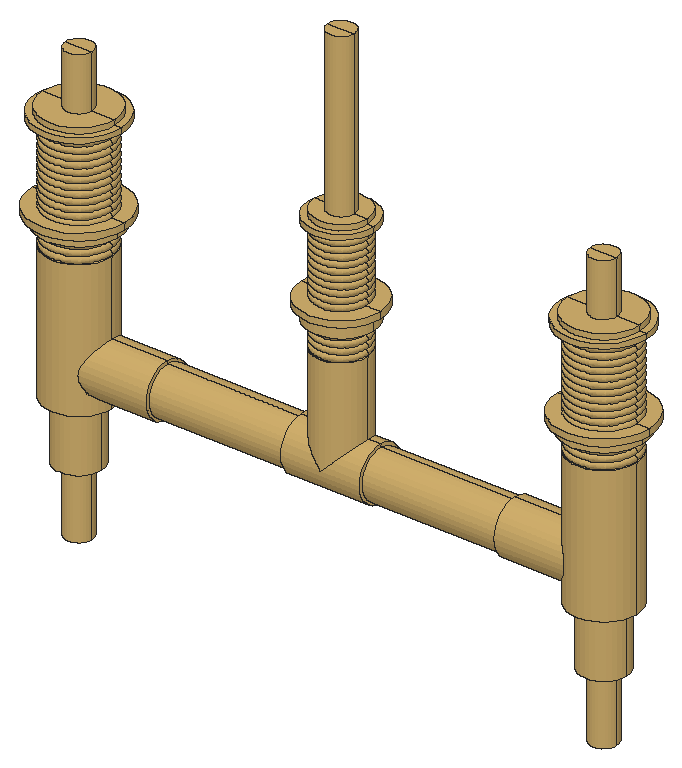
Revit family "Tub_Filler-Deck_Mounted-American_Standard-Flash-R9X0", category Plumbing Fixtures, Revit 2014
Parameters (values of type "R900")
  Width = 1 3/8"  # constant formula
  Waste Connection = no
  WFU = 0  # constant formula
  Vent Connection = no
  URL = "http://www.americanstandard-us.com/"
  Shower = no
  Product URL = "https://www.americanstandard-us.com/bathroom/tub-fillers/flash-roman-tub-faucet-rough-valve-33662?variant=n%2Fa"
  Product Documentation Link = "https://www.americanstandard-us.com/-/media/sites/asus/files/product-specs/tub-fillers/2018/flash-roman-tub-filler-trim-rough-valve-r900-r910/specsheet-r900-r910.pdf?la=en"
  Price = "Prices may vary. Please consult Manufacturer Representative for most up-to-date price list."  # constant formula
  Model = "R900"
  Material = "Metal-American Standard-099-Polished Brass"
  Manufacturer = "American Standard"
  Length = 10"
  Installation Type = "Deck-Mounted"
  Hot Water Connection Radius = 1/4"  # constant formula
  Hot Water Connection Diameter = Hot Water Connection Radius * 2  # 1/2"
  Height = 7 1/8"  # constant formula
  HWFU = 3  # constant formula
  HW Connection = yes
  Description = "R900 Flash Roman Tub Filler Rough Body – LESS Personal Shower"
  Default Elevation = 0"
  Creation Date = "10/17/2018"  # constant formula
  Cold Water Connection Radius = 1/4"  # constant formula
  Cold Water Connection Diameter = Cold Water Connection Radius * 2  # 1/2"
  CWFU = 3  # constant formula
  CW Connection = yes
  COFaucet To Shower = 12"
  Assembly Code = "D2020"
Types (3): name | Shower | Product URL | Model | Description
  (no name) | no | "https://www.americanstandard-us.com/bathroom/tub-fillers/flash-roman-tub-faucet-rough-valve-33662?variant=n%2Fa" | "R900" | "R900 Flash Roman Tub Filler Rough Body – LESS Personal Shower"
  R900 | no | "https://www.americanstandard-us.com/bathroom/tub-fillers/flash-roman-tub-faucet-rough-valve-33662?variant=n%2Fa" | "R900" | "R900 Flash Roman Tub Filler Rough Body – LESS Personal Shower"
  R910 | yes | "https://www.americanstandard-us.com/bathroom/tub-fillers/flash-roman-tub-faucet-rough-valve-33664?variant=n%2Fa" | "R910" | "R910 Flash Roman Tub Filler Rough Body – WITH Personal Shower"
Reference planes (in)
  plane 1 "Center (Front/Back)": y = 0
  plane 2: z = 0
  plane 3 "Center (Left/Right)": x = 0
  plane 4: x = 5
  plane 5: x = -5
  plane 6: x = 5.6875
  plane 7: x = 4.3125
  plane 8: x = -4.3125
  plane 9: x = -5.6875
  plane 10: z = -7.125
  plane 11: x = 0.5
  plane 12: x = -0.5
  plane 13: x = -3.75
  plane 14: z = -4.0681
  plane 15: z = -3.5681
  plane 16: z = -2.1774
  plane 17: x = -3.3125
  plane 18: x = -0.75
  plane 19: x = 0.75
  plane 20: x = 3.3125
  plane 21: z = 1
  plane 22: z = -1.5
  plane 23: x = 12
Forms (in)
  Revolve 1, solid, material "Metal-American Standard-099-Polished Brass"
    sketch origin (0, 0, 0) x (1, 0, 0) y (0, 0, 1)
      loop
        line (-5, -7.125) -> (-4.75, -7.125) -> (-4.75, -5.875) -> (-4.5625, -5.875) -> (-4.5625, -4.75991) -> (-4.375, -4.75991) -> (-4.375, -2.1774) -> (-4.4375, -2.1774)
        arc (-4.4375, -2.1774) -> (-4.375, -2.1149) -> (-4.4375, -2.0524) r 0.0625
        arc (-4.4375, -2.0524) -> (-4.375, -1.9899) -> (-4.4375, -1.9274) r 0.0625
        arc (-4.4375, -1.9274) -> (-4.375, -1.8649) -> (-4.4375, -1.8024) r 0.0625
        line (-4.4375, -1.8024) -> (-4.25, -1.8024) -> (-4.25, -1.62335) -> (-4.125, -1.62335) -> (-4.125, -1.5) -> (-4.37537, -1.5)
        arc (-4.37537, -1.5) -> (-4.39096, -1.45148) -> (-4.4375, -1.4307) r 0.0625
        arc (-4.4375, -1.4307) -> (-4.375, -1.3682) -> (-4.4375, -1.3057) r 0.0625
        arc (-4.4375, -1.3057) -> (-4.375, -1.2432) -> (-4.4375, -1.1807) r 0.0625
        arc (-4.4375, -1.1807) -> (-4.375, -1.1182) -> (-4.4375, -1.0557) r 0.0625
        arc (-4.4375, -1.0557) -> (-4.375, -0.9932) -> (-4.4375, -0.9307) r 0.0625
        arc (-4.4375, -0.9307) -> (-4.375, -0.8682) -> (-4.4375, -0.8057) r 0.0625
        arc (-4.4375, -0.8057) -> (-4.375, -0.7432) -> (-4.4375, -0.6807) r 0.0625
        arc (-4.4375, -0.6807) -> (-4.375, -0.6182) -> (-4.4375, -0.5557) r 0.0625
        arc (-4.4375, -0.5557) -> (-4.375, -0.4932) -> (-4.4375, -0.4307) r 0.0625
        arc (-4.4375, -0.4307) -> (-4.375, -0.3682) -> (-4.4375, -0.3057) r 0.0625
        arc (-4.4375, -0.3057) -> (-4.375, -0.2432) -> (-4.4375, -0.1807) r 0.0625
        arc (-4.4375, -0.1807) -> (-4.375, -0.1182) -> (-4.4375, -0.0557) r 0.0625
        arc (-4.4375, -0.0557) -> (-4.39578, -0.03974) -> (-4.37537, 0) r 0.0625
        line (-4.37537, 0) -> (-4.3125, 0) -> (-4.1875, 0) -> (-4.1875, 0.09797) -> (-4.3125, 0.09797) -> (-4.3125, 0.19595) -> (-4.75, 0.19595) -> (-4.75, 1.19595) -> (-5, 1.19595) -> (-5, -7.125)
      axis (-5, 1.19595) -> (-5, -7.125)
    angle from 0 to 360
  Revolve 2, solid, material "Metal-American Standard-099-Polished Brass"
    sketch origin (0, 0, 0) x (1, 0, 0) y (0, 0, 1)
      loop
        line (-5, -3.5681) -> (-5, -4.0681) -> (0, -4.0681) -> (5, -4.0681) -> (5, -3.5681) -> (3.3125, -3.5681) -> (3.3125, -3.62024) -> (0.75, -3.62024) -> (0.75, -3.5681) -> (-0.75, -3.5681) -> (-0.75, -3.62024) -> (-3.3125, -3.62024) -> (-3.3125, -3.5681) -> (-5, -3.5681)
      axis (-5, -4.0681) -> (5, -4.0681)
    angle from 0 to 360
  Revolve 3, solid, material "Metal-American Standard-099-Polished Brass"
    sketch origin (0, 0, 0) x (1, 0, 0) y (0, 0, 1)
      loop
        line (0, -4.0681) -> (0.5, -4.0681) -> (0.5, -2.17079) -> (0.43833, -2.17079)
        arc (0.43833, -2.17079) -> (0.5, -2.10912) -> (0.43833, -2.04744) r 0.06167
        arc (0.43833, -2.04744) -> (0.5, -1.98577) -> (0.43833, -1.92409) r 0.06167
        arc (0.43833, -1.92409) -> (0.5, -1.86242) -> (0.43833, -1.80075) r 0.06167
        arc (0.43833, -1.80075) -> (0.5, -1.73907) -> (0.43833, -1.6774) r 0.06167
        line (0.43833, -1.6774) -> (0.625, -1.6774) -> (0.625, -1.4274) -> (0.75, -1.4274) -> (0.75, -1.30405) -> (0.43833, -1.30405)
        arc (0.43833, -1.30405) -> (0.5, -1.24238) -> (0.43833, -1.1807) r 0.06167
        arc (0.43833, -1.1807) -> (0.5, -1.11903) -> (0.43833, -1.05736) r 0.06167
        arc (0.43833, -1.05736) -> (0.5, -0.99568) -> (0.43833, -0.93401) r 0.06167
        arc (0.43833, -0.93401) -> (0.5, -0.87233) -> (0.43833, -0.81066) r 0.06167
        arc (0.43833, -0.81066) -> (0.5, -0.74899) -> (0.43833, -0.68731) r 0.06167
        arc (0.43833, -0.68731) -> (0.5, -0.62564) -> (0.43833, -0.56396) r 0.06167
        arc (0.43833, -0.56396) -> (0.5, -0.50229) -> (0.43833, -0.44062) r 0.06167
        arc (0.43833, -0.44062) -> (0.5, -0.37894) -> (0.43833, -0.31727) r 0.06167
        arc (0.43833, -0.31727) -> (0.5, -0.25559) -> (0.43833, -0.19392) r 0.06167
        arc (0.43833, -0.19392) -> (0.5, -0.13225) -> (0.43833, -0.07057) r 0.06167
        arc (0.43833, -0.07057) -> (0.48498, -0.04924) -> (0.49935, 0) r 0.06167
        line (0.49935, 0) -> (0.62415, 0) -> (0.62415, 0.09797) -> (0.5, 0.09797) -> (0.5, 0.19595) -> (0.25, 0.19595) -> (0.25, 3.26144) -> (0, 3.26144) -> (0, -4.0681)
      axis (0, 3.26144) -> (0, -4.0681)
    angle from 0 to 360
  Revolve 4, solid, material "Metal-American Standard-099-Polished Brass"
    sketch origin (0, 0, 0) x (-1, 0, 0) y (0, 0, 1)
      loop
        line (-5, -7.125) -> (-4.75, -7.125) -> (-4.75, -5.875) -> (-4.5625, -5.875) -> (-4.5625, -4.75991) -> (-4.375, -4.75991) -> (-4.375, -2.1774) -> (-4.4375, -2.1774)
        arc (-4.4375, -2.1774) -> (-4.375, -2.1149) -> (-4.4375, -2.0524) r 0.0625
        arc (-4.4375, -2.0524) -> (-4.375, -1.9899) -> (-4.4375, -1.9274) r 0.0625
        arc (-4.4375, -1.9274) -> (-4.375, -1.8649) -> (-4.4375, -1.8024) r 0.0625
        line (-4.4375, -1.8024) -> (-4.25, -1.8024) -> (-4.25, -1.62335) -> (-4.125, -1.62335) -> (-4.125, -1.5) -> (-4.37537, -1.5)
        arc (-4.37537, -1.5) -> (-4.39096, -1.45148) -> (-4.4375, -1.4307) r 0.0625
        arc (-4.4375, -1.4307) -> (-4.375, -1.3682) -> (-4.4375, -1.3057) r 0.0625
        arc (-4.4375, -1.3057) -> (-4.375, -1.2432) -> (-4.4375, -1.1807) r 0.0625
        arc (-4.4375, -1.1807) -> (-4.375, -1.1182) -> (-4.4375, -1.0557) r 0.0625
        arc (-4.4375, -1.0557) -> (-4.375, -0.9932) -> (-4.4375, -0.9307) r 0.0625
        arc (-4.4375, -0.9307) -> (-4.375, -0.8682) -> (-4.4375, -0.8057) r 0.0625
        arc (-4.4375, -0.8057) -> (-4.375, -0.7432) -> (-4.4375, -0.6807) r 0.0625
        arc (-4.4375, -0.6807) -> (-4.375, -0.6182) -> (-4.4375, -0.5557) r 0.0625
        arc (-4.4375, -0.5557) -> (-4.375, -0.4932) -> (-4.4375, -0.4307) r 0.0625
        arc (-4.4375, -0.4307) -> (-4.375, -0.3682) -> (-4.4375, -0.3057) r 0.0625
        arc (-4.4375, -0.3057) -> (-4.375, -0.2432) -> (-4.4375, -0.1807) r 0.0625
        arc (-4.4375, -0.1807) -> (-4.375, -0.1182) -> (-4.4375, -0.0557) r 0.0625
        arc (-4.4375, -0.0557) -> (-4.39578, -0.03974) -> (-4.37537, 0) r 0.0625
        line (-4.37537, 0) -> (-4.3125, 0) -> (-4.1875, 0) -> (-4.1875, 0.09797) -> (-4.3125, 0.09797) -> (-4.3125, 0.19595) -> (-4.75, 0.19595) -> (-4.75, 1.19595) -> (-5, 1.19595) -> (-5, -7.125)
      axis (-5, 1.19595) -> (-5, -7.125)
    angle from 0 to 360
  Revolve 5, solid, material "Metal-American Standard-099-Polished Brass", visible <- "Shower"
    sketch origin (2.72077, 0, 0) x (1, 0, 0) y (0, 0, 1)
      loop
        line (9.27923, -7.125) -> (9.27923, 1.19595) -> (9.02923, 1.19595) -> (9.02923, 0.19595) -> (8.59173, 0.19595) -> (8.59173, 0.09797) -> (8.46673, 0.09797) -> (8.46673, 0) -> (8.59173, 0) -> (8.6546, 0)
        arc (8.6546, 0) -> (8.675, -0.03974) -> (8.71673, -0.0557) r 0.0625
        arc (8.71673, -0.0557) -> (8.65423, -0.1182) -> (8.71673, -0.1807) r 0.0625
        arc (8.71673, -0.1807) -> (8.65423, -0.2432) -> (8.71673, -0.3057) r 0.0625
        arc (8.71673, -0.3057) -> (8.65423, -0.3682) -> (8.71673, -0.4307) r 0.0625
        arc (8.71673, -0.4307) -> (8.65423, -0.4932) -> (8.71673, -0.5557) r 0.0625
        arc (8.71673, -0.5557) -> (8.65423, -0.6182) -> (8.71673, -0.6807) r 0.0625
        arc (8.71673, -0.6807) -> (8.65423, -0.7432) -> (8.71673, -0.8057) r 0.0625
        arc (8.71673, -0.8057) -> (8.65423, -0.8682) -> (8.71673, -0.9307) r 0.0625
        arc (8.71673, -0.9307) -> (8.65423, -0.9932) -> (8.71673, -1.0557) r 0.0625
        arc (8.71673, -1.0557) -> (8.65423, -1.1182) -> (8.71673, -1.1807) r 0.0625
        arc (8.71673, -1.1807) -> (8.65423, -1.2432) -> (8.71673, -1.3057) r 0.0625
        arc (8.71673, -1.3057) -> (8.65423, -1.3682) -> (8.71673, -1.4307) r 0.0625
        arc (8.71673, -1.4307) -> (8.67019, -1.45148) -> (8.6546, -1.5) r 0.0625
        line (8.6546, -1.5) -> (8.40423, -1.5) -> (8.40423, -1.62335) -> (8.52923, -1.62335) -> (8.52923, -1.8024) -> (8.71673, -1.8024)
        arc (8.71673, -1.8024) -> (8.65423, -1.8649) -> (8.71673, -1.9274) r 0.0625
        arc (8.71673, -1.9274) -> (8.65423, -1.9899) -> (8.71673, -2.0524) r 0.0625
        arc (8.71673, -2.0524) -> (8.65423, -2.1149) -> (8.71673, -2.1774) r 0.0625
        line (8.71673, -2.1774) -> (8.65423, -2.1774) -> (8.65423, -4.75991) -> (8.84173, -4.75991) -> (8.84173, -5.875) -> (9.02923, -5.875) -> (9.02923, -7.125) -> (9.27923, -7.125)
      axis (9.27923, 1.19595) -> (9.27923, -7.125)
    angle from 0 to 360
Lines and regions (in)
  Masking region 1
    outline origin (0, 0, 0) x (1, 0, 0) y (0, 1, 0)
      loop
        arc (-4.28193, 0.5) -> (-5.875, 0) -> (-4.28193, -0.5) r 0.875
        line (-4.28193, -0.5) -> (-3.3125, -0.5) -> (-3.3125, -0.44786) -> (-0.75, -0.44786) -> (-0.75, -0.5) -> (-0.55902, -0.5)
        arc (-0.55902, -0.5) -> (0, -0.75) -> (0.55902, -0.5) r 0.75
        line (0.55902, -0.5) -> (0.75, -0.5) -> (0.75, -0.44786) -> (3.3125, -0.44786) -> (3.3125, -0.5) -> (4.28193, -0.5)
        arc (4.28193, -0.5) -> (5.875, 0) -> (4.28193, 0.5) r 0.875
        line (4.28193, 0.5) -> (3.3125, 0.5) -> (3.3125, 0.44786) -> (0.75, 0.44786) -> (0.75, 0.5) -> (0.55902, 0.5)
        arc (0.55902, 0.5) -> (0, 0.75) -> (-0.55902, 0.5) r 0.75
        line (-0.55902, 0.5) -> (-0.75, 0.5) -> (-0.75, 0.44786) -> (-3.3125, 0.44786) -> (-3.3125, 0.5) -> (-4.28193, 0.5)
  Masking region 2, visible <- "Shower"
    outline origin (0, 0, 0) x (1, 0, 0) y (0, 1, 0)
      loop
        circle (12, 0) r 0.875
  symbolic lines, detail levels medium+fine
    curve 1: circle (-5, 0, 0) r 0.25 normal (0, 0, 1)
    curve 2: circle (0, 0, 0) r 0.25 normal (0, 0, 1)
    curve 3: circle (5, 0, 0) r 0.25 normal (0, 0, -1)
    curve 7: line (3.3125, 0.44786, 0) -> (3.3125, -0.44786, 0)
    curve 8: line (0.75, 0.44786, 0) -> (0.75, -0.44786, 0)
    curve 9: line (-0.75, 0.44786, 0) -> (-0.75, -0.44786, 0)
    curve 10: line (-3.3125, 0.44786, 0) -> (-3.3125, -0.44786, 0)
  symbolic lines, detail levels fine
    curve 4: circle (-5, 0, 0) r 0.6875 normal (0, 0, 1)
    curve 5: circle (0, 0, 0) r 0.5 normal (0, 0, 1)
    curve 6: circle (5, 0, 0) r 0.6875 normal (0, 0, -1)
    curve 11: arc (-4.28193, -0.5, 0) -> (-4.125, 0, 0) -> (-4.28193, 0.5, 0) r 0.875
    curve 12: arc (4.28193, -0.5, 0) -> (4.125, 0, 0) -> (4.28193, 0.5, 0) r 0.875
    curve 13: arc (-0.55902, 0.5, 0) -> (-0.75, 0, 0) -> (-0.55902, -0.5, 0) r 0.75
    curve 14: arc (0.55902, 0.5, 0) -> (0.75, 0, 0) -> (0.55902, -0.5, 0) r 0.75
  symbolic lines, visible <- "Shower", detail levels medium+fine
    curve 15: circle (12, 0, 0) r 0.6875 normal (0, 0, -1)
  symbolic lines, visible <- "Shower", detail levels fine
    curve 16: circle (12, 0, 0) r 0.25 normal (0, 0, -1)
Dimensions and locks (in)
  locked: plane 5 to plane 17 at 1.6875
  locked: plane 4 to plane 20 at 1.6875
  locked: plane 19 to plane 18 at 1.5
  "Length": plane 5 to plane 4
  equal spacing: plane 5, plane 3 "Center (Left/Right)", plane 4
  locked: Revolve 1 sketch curve to plane 5 at 0.25
  locked: Revolve 1 sketch curve to plane 8 at 0.125
  locked: Revolve 1 sketch curve to Revolve 1 sketch curve at 0.4375
  locked: Revolve 1 sketch curve to Revolve 1 sketch curve at 0.625
  locked: plane 8 to Revolve 1 sketch curve at 0.0625
  locked: Revolve 1 sketch curve to Revolve 1 sketch curve at 0.875
  locked: Revolve 1 sketch curve to Revolve 1 sketch curve at 0.75
  "Height": plane 2 to plane 10
  locked: plane 9 to plane 8 at 1.375
  equal spacing: plane 8, plane 5, plane 9, locked at 0.6875 each
  locked: plane 7 to plane 6 at 1.375
  equal spacing: plane 7, plane 4, plane 6, locked at 0.6875 each
  locked: Revolve 4 sketch curve to Revolve 4 sketch curve at 0.25
  locked: Revolve 4 sketch curve to Revolve 4 sketch curve at 0.4375
  locked: Revolve 2 to Revolve 4 sketch curve at 0.625
  locked: Revolve 4 sketch curve to Revolve 4 sketch curve at 0.75
  locked: Revolve 4 sketch curve to Revolve 4 sketch curve at 0.875
  locked: Revolve 4 sketch curve to Revolve 4 sketch curve at 0.125
  level to plane 10 = 7 1/8"
  plane 21 to level = 1"
  plane 21 to plane 22 = 2 1/2"
  locked: Revolve 5 sketch curve to Revolve 5 sketch curve at 0.25
  locked: Revolve 5 sketch curve to Revolve 5 sketch curve at 0.4375
  locked: Revolve 5 sketch curve to Revolve 5 sketch curve at 0.75
  locked: Revolve 5 sketch curve to Revolve 5 sketch curve at 0.875
  locked: Revolve 5 sketch curve to Revolve 5 sketch curve at 0.125
  "COFaucet To Shower": plane 23 to plane 3 "Center (Left/Right)"
  aligned and locked: Revolve 2 sketch curve to plane 5
  aligned and locked: plane 4 to Revolve 2 sketch curve
  aligned and locked: Revolve 2 sketch curve to plane 17
  aligned and locked: plane 18 to Revolve 2 sketch curve
  aligned and locked: plane 19 to Revolve 2 sketch curve
  aligned and locked: Revolve 2 sketch curve to plane 20
  aligned and locked: plane 8 to Revolve 1 sketch curve
  aligned and locked: Revolve 1 sketch curve to Revolve 1 sketch curve
  aligned and locked: plane 10 to Revolve 1 sketch curve
  aligned and locked: Revolve 4 sketch curve to Revolve 4 sketch curve
  aligned and locked: Revolve 4 sketch curve to plane 7
  aligned and locked: Masking region 1 sketch curve to Revolve 1
  aligned and locked: Masking region 1 sketch curve to Revolve 4
  aligned and locked: Masking region 1 sketch curve to Revolve 2
  aligned and locked: Masking region 1 sketch curve to Masking region 1 sketch curve  (x5)
  aligned and locked: curve 1 to Revolve 1
  aligned and locked: curve 2 to Revolve 3
  aligned and locked: curve 3 to Revolve 4
  aligned and locked: curve 4 to Revolve 1
  aligned and locked: curve 5 to Revolve 3
  aligned and locked: curve 6 to Revolve 4
  aligned and locked: Revolve 2 to curve 7
  aligned and locked: Revolve 2 to curve 8
  aligned and locked: Revolve 2 to curve 9
  aligned and locked: Revolve 2 to curve 10
  aligned and locked: Revolve 5 sketch curve to Revolve 5 sketch curve
  aligned and locked: plane 23 to Revolve 5 sketch curve
  aligned and locked: Masking region 2 sketch curve to Revolve 5
  aligned and locked: curve 15 to Revolve 5
  aligned and locked: curve 16 to Revolve 5
Automatic sketch dimensions
  curve 1 to curve 11 = 0"  (x2)
  curve 2 to curve 13 = 0"  (x2)
  curve 2 to curve 14 = 0"  (x2)
  curve 3 to curve 12 = 0"  (x2)
  plane 8 to curve 11 = 0.03057"  (x2)
  plane 12 to curve 13 = 0.05902"  (x2)
  plane 11 to curve 14 = 0.05902"  (x2)
  plane 7 to curve 12 = 0.03057"  (x2)
  plane 1 "Center (Front/Back)" to curve 7 = 0.44786"
  plane 1 "Center (Front/Back)" to curve 8 = 0.44786"
  plane 1 "Center (Front/Back)" to curve 9 = 0.44786"
  plane 1 "Center (Front/Back)" to curve 10 = 0.44786"
  curve 14 to curve 8 = 0.05214"
  plane 1 "Center (Front/Back)" to curve 11 = 1/2"
  plane 1 "Center (Front/Back)" to curve 12 = 1/2"
  curve 13 to curve 9 = 0.05214"
  curve 7 to plane 1 "Center (Front/Back)" = 0.44786"
  curve 10 to plane 1 "Center (Front/Back)" = 0.44786"
  curve 9 to curve 13 = 0.05214"
  curve 8 to curve 14 = 0.05214"
  plane 5 to Revolve 1 sketch curve = 0"
  Revolve 1 sketch curve to plane 16 = 0"
  Revolve 1 sketch curve to level = 0"
  Revolve 1 sketch curve to plane 22 = 0"
  Revolve 1 sketch curve to plane 8 = 0"
  Revolve 1 sketch curve to plane 22 = 0.0068"
  Revolve 1 sketch curve to plane 8 = 1/8"  (x2)
  Revolve 1 sketch curve to Revolve 1 sketch curve = 0"  (x27)
  Revolve 1 sketch curve to Revolve 1 sketch curve = 1/16"  (x6)
  level to Revolve 1 sketch curve = 0.0068"
  Revolve 1 sketch curve to Revolve 1 sketch curve = 0.06213"  (x2)
  Revolve 1 sketch curve to Revolve 1 sketch curve = 1 1/4"
  Revolve 1 sketch curve to plane 14 = 0.69181"
  Revolve 1 sketch curve to Revolve 1 sketch curve = 1/8"  (x10)
  plane 22 to Revolve 1 sketch curve = 0.12335"
  level to Revolve 1 sketch curve = 0.09797"
  level to Revolve 1 sketch curve = 0.19595"
  plane 21 to Revolve 1 sketch curve = 0.19595"
  plane 10 to Revolve 1 sketch curve = 0.2255"
  Revolve 1 sketch curve to Revolve 1 sketch curve = 0.13426"
  Revolve 2 sketch curve to plane 14 = 0"  (x2)
  Revolve 2 sketch curve to plane 3 "Center (Left/Right)" = 0"
  Revolve 2 sketch curve to plane 15 = 0"  (x3)
  Revolve 2 sketch curve to Revolve 2 sketch curve = 0.05214"  (x2)
  plane 9 to Revolve 2 sketch curve = 1/4"
  plane 8 to Revolve 2 sketch curve = 0.23896"
  Revolve 3 sketch curve to plane 3 "Center (Left/Right)" = 0"  (x2)
  Revolve 3 sketch curve to level = 0"
  Revolve 3 sketch curve to plane 11 = 0"  (x2)
  Revolve 3 sketch curve to plane 14 = 0"
  plane 3 "Center (Left/Right)" to Revolve 3 sketch curve = 1/4"
  Revolve 3 sketch curve to plane 11 = 0.06167"  (x13)
  Revolve 3 sketch curve to Revolve 3 sketch curve = 0"  (x17)
  Revolve 3 sketch curve to level = 0.0089"
  Revolve 3 sketch curve to plane 11 = 0.00065"
  plane 11 to Revolve 3 sketch curve = 0.12415"
  plane 11 to Revolve 3 sketch curve = 1/8"
  Revolve 3 sketch curve to Revolve 3 sketch curve = 1/8"
  Revolve 3 sketch curve to plane 16 = 0.00661"
  Revolve 3 sketch curve to Revolve 3 sketch curve = 0.06167"  (x4)
  Revolve 3 sketch curve to Revolve 3 sketch curve = 0.12335"  (x11)
  plane 22 to Revolve 3 sketch curve = 0.1774"
  Revolve 3 sketch curve to plane 22 = 0.0726"
  level to Revolve 3 sketch curve = 0.09797"
  level to Revolve 3 sketch curve = 0.19595"
  plane 21 to Revolve 3 sketch curve = 2.26144"
  Revolve 3 sketch curve to level = 1/4"
  Revolve 3 sketch curve to Revolve 3 sketch curve = 0.30405"
  Revolve 4 sketch curve to plane 4 = 0"  (x2)
  Revolve 4 sketch curve to plane 16 = 0"
  Revolve 4 sketch curve to plane 22 = 0"
  Revolve 4 sketch curve to level = 0"
  plane 7 to Revolve 4 sketch curve = 0"
  Revolve 4 sketch curve to plane 10 = 0"
  plane 22 to Revolve 4 sketch curve = 0.0068"
  plane 7 to Revolve 4 sketch curve = 1/8"
  Revolve 4 sketch curve to Revolve 4 sketch curve = 0"  (x28)
  Revolve 4 sketch curve to Revolve 4 sketch curve = 1/16"  (x6)
  Revolve 4 sketch curve to level = 0.0068"
  Revolve 4 sketch curve to Revolve 4 sketch curve = 0.06213"  (x2)
  Revolve 4 sketch curve to Revolve 4 sketch curve = 1 1/4"
  plane 14 to Revolve 4 sketch curve = 0.69181"
  Revolve 4 sketch curve to Revolve 4 sketch curve = 1/8"  (x10)
  Revolve 4 sketch curve to plane 22 = 0.12335"
  Revolve 4 sketch curve to Revolve 4 sketch curve = 0.09797"  (x2)
  Revolve 4 sketch curve to plane 21 = 0.19595"
  Revolve 4 sketch curve to plane 10 = 0.2255"
  Revolve 4 sketch curve to Revolve 4 sketch curve = 0.13426"
  Masking region 1 sketch curve to Masking region 1 sketch curve = 0"  (x2)
  plane 1 "Center (Front/Back)" to Masking region 1 sketch curve = 0"
  Masking region 1 sketch curve to plane 3 "Center (Left/Right)" = 0"
  plane 8 to Masking region 1 sketch curve = 0.03057"  (x2)
  plane 13 to Masking region 1 sketch curve = 7/16"
  plane 12 to Masking region 1 sketch curve = 0.05902"  (x2)
  plane 11 to Masking region 1 sketch curve = 0.05902"  (x2)
  Masking region 1 sketch curve to Masking region 1 sketch curve = 0.19098"
  Masking region 1 sketch curve to plane 1 "Center (Front/Back)" = 0.44786"
  plane 7 to Masking region 1 sketch curve = 1"
  plane 7 to Masking region 1 sketch curve = 0.03057"  (x2)
  plane 1 "Center (Front/Back)" to Masking region 1 sketch curve = 1/2"
  Masking region 1 sketch curve to Masking region 1 sketch curve = 0.05214"  (x3)
  Revolve 5 sketch curve to plane 22 = 0"
  level to Revolve 5 sketch curve = 0"
  Revolve 5 sketch curve to plane 16 = 0"
  Revolve 5 sketch curve to plane 10 = 0"
  plane 22 to Revolve 5 sketch curve = 0.12335"
  level to Revolve 5 sketch curve = 0.09797"
  Revolve 5 sketch curve to Revolve 5 sketch curve = 9/16"
  Revolve 5 sketch curve to Revolve 5 sketch curve = 0"  (x29)
  Revolve 5 sketch curve to Revolve 5 sketch curve = 3/16"
  Revolve 5 sketch curve to Revolve 5 sketch curve = 0.12537"
  Revolve 5 sketch curve to Revolve 5 sketch curve = 0.06287"
  Revolve 5 sketch curve to Revolve 5 sketch curve = 1/16"  (x5)
  Revolve 5 sketch curve to plane 22 = 0.0068"
  Revolve 5 sketch curve to Revolve 5 sketch curve = 0.06213"  (x2)
  level to Revolve 5 sketch curve = 0.0068"
  Revolve 5 sketch curve to plane 10 = 1 1/4"
  Revolve 5 sketch curve to plane 14 = 0.69181"
  Revolve 5 sketch curve to Revolve 5 sketch curve = 1/8"  (x10)
  Revolve 5 sketch curve to Revolve 5 sketch curve = 0.17905"
  Revolve 5 sketch curve to Revolve 5 sketch curve = 0.09797"
  plane 21 to Revolve 5 sketch curve = 0.19595"
  Revolve 5 sketch curve to Revolve 5 sketch curve = 0.2255"
  Revolve 5 sketch curve to plane 10 = 0.13426"
Connectors (in)
  piping at (-5, 0, -7.125), diameter 0.5, driven by "HWFU", driven by "Hot Water Connection Diameter"
    settings: on Revolve 1, index 1, connector inside diameter 24", connector length 0", flow factor 0, pipe flow 0 GPM, pressure drop 0.00 psi, fitting loss kfactor 0, connector angle 0.00°, fixture units 3, engagement length 0", angle of deflection 0.00°, flow configuration 3, flow direction 1, fitting loss method 0, system type 19, joint type 0, gender type 0, connector reference index -1, connector utility 0, adjustable connector no, is connector primary yes, connector description "1/2\" HW Copper Inlet Supply"
  piping at (5, 0, -7.125), diameter 0.5, driven by "CWFU", driven by "Cold Water Connection Diameter"
    settings: on Revolve 4, index 2, connector inside diameter 24", connector length 0", flow factor 0, pipe flow 0 GPM, pressure drop 0.00 psi, fitting loss kfactor 0, connector angle 0.00°, fixture units 3, engagement length 0", angle of deflection 0.00°, flow configuration 3, flow direction 1, fitting loss method 0, system type 20, joint type 0, gender type 0, connector reference index -1, connector utility 0, adjustable connector no, is connector primary no, connector description "1/2\" CW Copper Inlet Supply"
